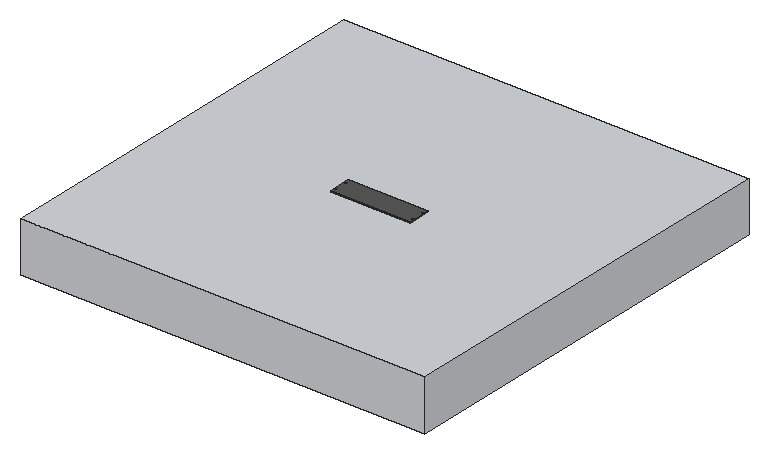
Revit family
Parameters (values of type "PNL-BLNK-3")
  Weight = 0.965 lbf
  U/M = "EA"
  U Space = "3"
  System = "Racks, Cable Mgt & RouteIT"
  Serial Number = "PNL-BLNK-3"
  Segment = "CSS"
  Ports = "0"
  Model = "RACK"
  Metal = none
  Manufacturer = "SIEMON"
  Loaded/Empty = "N/A"
  Item Group = "RACKS"
  Item Class = "1B"
  Description = "BLANK FILLER PANEL, 3 RMS"
  Default Elevation = 4' - 0"
  Color = "Black"
Reference planes (in)
  plane 1 "Center (Front/Back)": y = 0
  plane 2: z = 0
  plane 3 "Center (Left/Right)": x = 0
Forms (in)
  Extrusion 1, solid
    sketch origin (0, 0, 0) x (1, 0, 0) y (0, 1, 0)
      loop
        line (-48, 48) -> (-48, -48) -> (48, -48) -> (48, 48) -> (-48, 48)
    from 0 to -12
Dimensions and locks (in)
  aligned and locked: plane 2 to Extrusion 1
  aligned and locked: level to Extrusion 1
Nested families (in)
  nested 1: "PNL-BLNK-3[1]" at (0, -1.22081, -0.27002), type "PNL-BLNK-3[1]"
Definition of nested family "PNL-BLNK-3[1]"
  Parameters (values of type "PNL-BLNK-3[1]")
    Weight = "0.4 kgs (0.9 lbs)"
    UL Rating = "UL 1863"
    U Space / Capacity = "3U"
    Part Number = "PNL-BLNK-3"
    Material = Black Anodized Aluminum
    Manufacturer Contact Info / Website = "www.siemon.com"
    Manufacturer = "Siemon"
    Dimensions (H x W x D) = "133.5mm x 483mm x 2.54mm\r\n(5.25 in. x 19.0 in. x 0.1 in.)"
    Description = "Blank Filler Panel"
    "A" = "5.25"
  Reference planes (in)
    plane 1 "Center (Front/Back)": y = 1.22081
    plane 2: z = 0.27002
    plane 3 "Center (Left/Right)": x = 0
  Forms (in)
    Extrusion 1, solid, material "Black Anodized Aluminum" <- "Material"
      sketch origin (0, -0.30345, 0.30345) x (1, 0, 0) y (0, 1, 0)
        loop
          line (9.38, 2.62) -> (-9.38, 2.62)
          arc (-9.38, 2.62) -> (-9.46485, 2.58485) -> (-9.5, 2.5) r 0.12
          line (-9.5, 2.5) -> (-9.5, -2.5)
          arc (-9.5, -2.5) -> (-9.46485, -2.58485) -> (-9.38, -2.62) r 0.12
          line (-9.38, -2.62) -> (9.38, -2.62)
          arc (9.38, -2.62) -> (9.46485, -2.58485) -> (9.5, -2.5) r 0.12
          line (9.5, -2.5) -> (9.5, 2.5)
          arc (9.5, 2.5) -> (9.46485, 2.58485) -> (9.38, 2.62) r 0.12
        loop
          arc (-9.101, -1.64) -> (-8.961, -1.5) -> (-9.101, -1.36) r 0.14
          line (-9.101, -1.36) -> (-9.227, -1.36)
          arc (-9.227, -1.36) -> (-9.367, -1.5) -> (-9.227, -1.64) r 0.14
          line (-9.227, -1.64) -> (-9.101, -1.64)
        loop
          arc (-9.227, 1.64) -> (-9.367, 1.5) -> (-9.227, 1.36) r 0.14
          line (-9.227, 1.36) -> (-9.101, 1.36)
          arc (-9.101, 1.36) -> (-8.961, 1.5) -> (-9.101, 1.64) r 0.14
          line (-9.101, 1.64) -> (-9.227, 1.64)
        loop
          arc (9.101, 1.64) -> (8.961, 1.5) -> (9.101, 1.36) r 0.14
          line (9.101, 1.36) -> (9.227, 1.36)
          arc (9.227, 1.36) -> (9.367, 1.5) -> (9.227, 1.64) r 0.14
          line (9.227, 1.64) -> (9.101, 1.64)
        loop
          arc (9.101, -1.36) -> (8.961, -1.5) -> (9.101, -1.64) r 0.14
          line (9.101, -1.64) -> (9.227, -1.64)
          arc (9.227, -1.64) -> (9.367, -1.5) -> (9.227, -1.36) r 0.14
          line (9.227, -1.36) -> (9.101, -1.36)
      from 0 to 0.1
  Lines and regions (in)
    reference lines
      curve 1: line (-9.17188, 1.22081, 3.23491) -> (-9.17188, 1.22081, -3.65486)
      curve 2: line (9.17187, 1.22081, 3.23491) -> (9.17187, 1.22081, -3.65486)
      curve 3: line (-10.66741, 1.22081, 0.27002) -> (11.37984, 1.22081, 0.27002)
  Dimensions and locks (in)
    curve 1 to plane 3 "Center (Left/Right)" = 0' - 9 11/64"
    plane 3 "Center (Left/Right)" to curve 2 = 0' - 9 11/64"
